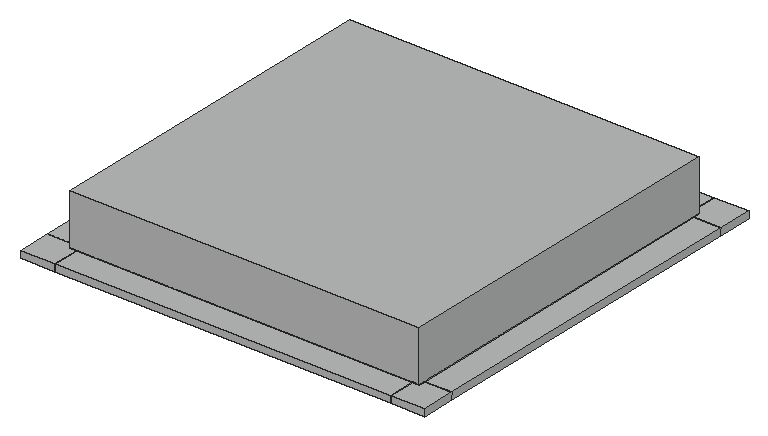
Revit family "ALUMOGIPS", category Осветительные приборы, Revit 2019 (continued)
Types (72, lengths in mm): name | Файл фотометрической сетки | built-in parameter 1150105 | Lumens | built-in parameter 1150106 | built-in parameter 1150142 | Wattage | Emit from Rectangle Width | Emit from Rectangle Length | Длина | Материал светильника | Ширина | ADSK_Ток | ADSK_Полная мощность | ADSK_Обозначение | ADSK_Номинальная мощность | ADSK_Наименование | ADSK_Масса | ADSK_Код изделия
  Alumogips-22/opal-sand 295x295 (IP54, 4000К, серый) | "Светильник ALUMOGIPS-22 OPAL-SAND-(295x295).IES" | 151.2 (stored number, unit not read) | 1900 lm | 1.512 (stored number, unit not read) | "IESNA:LM-63-95\r\n[TEST] Протокол №88\r\n[DATA] 02.08.2016\r\n[MORE] \r\n[MANUFAC] ЗАО \"Центрстройсвет\"\r\n[LUMCAT]  Светильник ALUMOGIPS-22/OPAL-SAND-(295x295)\r\n[LUMINAIRE]\r\n[LAMPCAT] Светодиоды\r\n[LAMP] Поток источника света (светодиодов) не известен\r\n[MORE] КСС приведена в абсолютных величинах кд\r\n[MORE] Вместо потока лампы, указан поток светильника.\r\nTILT=NONE\r\n1    1840 1.0 37 73 1 2 0.295 0.295 0.040\r\n1.0 1.0 23.0\r\n0.0 5.0 10.0 15.0 20.0 25.0 30.0 35.0 40.0 45.0 50.0 55.0 60.0 65.0 70.0 75.0 80.0 85.0 90.0 95.0 100.0 105.0 110.0 115.0 120.0 125.0 130.0 135.0 140.0 145.0 150.0 155.0 160.0 165.0 170.0 175.0 180.0\r\n0.0 5.0 10.0 15.0 20.0 25.0 30.0 35.0 40.0 45.0 50.0 55.0 60.0 65.0 70.0 75.0 80.0 85.0 90.0 95.0 100.0 105.0 110.0 115.0 120.0 125.0 130.0 135.0 140.0 145.0 150.0 155.0 160.0 165.0 170.0 175.0 180.0 185.0 190.0 195.0 200.0 205.0 210.0 215.0 220.0 225.0 230.0 235.0 240.0 245.0 250.0 255.0 260.0 265.0 270.0 275.0 280.0 285.0 290.0 295.0 300.0 305.0 310.0 315.0 320.0 325.0 330.0 335.0 340.0 345.0 350.0 355.0 360.0\r\n704.4 702.6 689.1 668.2 639.7 603.2 562.5 516.5 468.8 417.4 365.6 312.1 259.6 207.6 156.6 108.3 64.3 25.9 1.0 0.0 0.0 0.0 0.0 0.0 0.0 0.0 0.0 0.0 0.0 0.0 0.0 0.0 0.0 0.0 0.0 0.0 0.0\r\n704.4 702.6 688.9 666.9 636.8 601.2 560.9 517.4 467.0 417.5 364.8 312.1 258.9 207.6 156.5 108.3 64.5 26.2 0.8 0.0 0.0 0.0 0.0 0.0 0.0 0.0 0.0 0.0 0.0 0.0 0.0 0.0 0.0 0.0 0.0 0.0 0.0\r\n704.4 702.7 688.1 666.6 636.2 601.8 558.9 514.4 466.5 416.1 364.4 311.1 259.0 206.8 155.7 107.9 64.0 25.6 0.7 0.0 0.0 0.0 0.0 0.0 0.0 0.0 0.0 0.0 0.0 0.0 0.0 0.0 0.0 0.0 0.0 0.0 0.0\r\n704.4 702.8 687.5 665.5 635.7 599.5 558.6 514.9 467.7 415.9 364.3 311.2 257.9 206.3 155.3 107.2 63.6 25.3 0.6 0.0 0.0 0.0 0.0 0.0 0.0 0.0 0.0 0.0 0.0 0.0 0.0 0.0 0.0 0.0 0.0 0.0 0.0\r\n704.4 702.6 687.0 663.7 635.8 599.0 558.1 514.4 465.6 413.9 361.9 310.4 256.5 205.3 154.7 106.6 62.6 24.8 0.4 0.0 0.0 0.0 0.0 0.0 0.0 0.0 0.0 0.0 0.0 0.0 0.0 0.0 0.0 0.0 0.0 0.0 0.0\r\n704.4 702.2 686.0 663.0 633.3 599.1 557.7 512.0 464.8 414.0 362.8 309.2 256.6 205.1 154.2 106.1 62.4 24.4 0.4 0.0 0.0 0.0 0.0 0.0 0.0 0.0 0.0 0.0 0.0 0.0 0.0 0.0 0.0 0.0 0.0 0.0 0.0\r\n704.4 701.7 685.7 662.9 634.4 599.2 558.1 511.9 463.9 414.8 361.7 309.1 256.5 204.4 153.6 105.3 62.2 24.3 0.3 0.0 0.0 0.0 0.0 0.0 0.0 0.0 0.0 0.0 0.0 0.0 0.0 0.0 0.0 0.0 0.0 0.0 0.0\r\n704.4 701.4 685.4 663.3 632.5 597.1 557.3 512.2 463.2 413.2 361.4 307.8 255.6 203.8 153.2 105.6 61.8 24.0 0.3 0.0 0.0 0.0 0.0 0.0 0.0 0.0 0.0 0.0 0.0 0.0 0.0 0.0 0.0 0.0 0.0 0.0 0.0\r\n704.4 701.2 685.3 662.8 633.9 597.9 556.7 511.3 462.0 412.9 360.3 306.8 255.0 203.4 152.9 105.0 62.1 23.8 0.4 0.0 0.0 0.0 0.0 0.0 0.0 0.0 0.0 0.0 0.0 0.0 0.0 0.0 0.0 0.0 0.0 0.0 0.0\r\n704.4 700.7 685.1 661.8 633.2 596.2 556.5 510.9 461.5 411.1 359.4 307.7 255.0 203.8 153.0 104.9 61.9 23.6 0.5 0.0 0.0 0.0 0.0 0.0 0.0 0.0 0.0 0.0 0.0 0.0 0.0 0.0 0.0 0.0 0.0 0.0 0.0\r\n704.4 700.0 684.9 662.8 633.2 597.6 556.4 511.4 461.8 411.3 359.2 307.9 255.0 203.5 152.9 105.5 62.1 23.6 0.3 0.0 0.0 0.0 0.0 0.0 0.0 0.0 0.0 0.0 0.0 0.0 0.0 0.0 0.0 0.0 0.0 0.0 0.0\r\n704.4 699.6 685.0 663.1 633.0 597.9 557.6 511.6 462.2 410.8 359.8 307.8 254.6 203.2 152.9 105.6 62.1 23.9 0.3 0.0 0.0 0.0 0.0 0.0 0.0 0.0 0.0 0.0 0.0 0.0 0.0 0.0 0.0 0.0 0.0 0.0 0.0\r\n704.4 699.4 684.8 662.9 633.0 597.6 556.3 511.4 462.0 412.1 359.9 308.6 255.5 203.3 152.7 105.5 62.7 23.9 0.4 0.0 0.0 0.0 0.0 0.0 0.0 0.0 0.0 0.0 0.0 0.0 0.0 0.0 0.0 0.0 0.0 0.0 0.0\r\n704.4 699.2 685.0 663.9 634.3 597.1 556.9 510.5 462.6 411.5 359.8 308.0 255.2 203.3 153.6 105.4 62.4 24.0 0.4 0.0 0.0 0.0 0.0 0.0 0.0 0.0 0.0 0.0 0.0 0.0 0.0 0.0 0.0 0.0 0.0 0.0 0.0\r\n704.4 698.9 685.3 663.1 633.1 597.7 555.9 511.5 463.6 413.1 360.4 307.4 255.0 203.4 154.1 106.4 62.5 24.2 0.3 0.0 0.0 0.0 0.0 0.0 0.0 0.0 0.0 0.0 0.0 0.0 0.0 0.0 0.0 0.0 0.0 0.0 0.0\r\n704.4 698.8 684.9 662.5 633.7 597.3 557.3 511.4 463.5 412.5 360.6 308.3 256.1 204.5 154.8 106.4 63.3 24.7 0.4 0.0 0.0 0.0 0.0 0.0 0.0 0.0 0.0 0.0 0.0 0.0 0.0 0.0 0.0 0.0 0.0 0.0 0.0\r\n704.4 698.8 685.0 663.1 634.2 598.6 557.7 511.5 463.1 413.4 360.7 309.0 257.0 204.7 154.5 107.2 63.3 25.0 0.4 0.0 0.0 0.0 0.0 0.0 0.0 0.0 0.0 0.0 0.0 0.0 0.0 0.0 0.0 0.0 0.0 0.0 0.0\r\n704.4 698.8 685.9 663.2 634.6 598.3 557.6 511.0 462.3 413.8 361.5 308.8 256.7 205.8 155.4 107.6 63.7 25.3 0.4 0.0 0.0 0.0 0.0 0.0 0.0 0.0 0.0 0.0 0.0 0.0 0.0 0.0 0.0 0.0 0.0 0.0 0.0\r\n704.4 698.9 686.2 663.6 634.2 598.4 558.9 513.7 463.3 414.0 361.2 309.4 257.5 206.4 155.7 108.1 64.2 25.7 0.3 0.0 0.0 0.0 0.0 0.0 0.0 0.0 0.0 0.0 0.0 0.0 0.0 0.0 0.0 0.0 0.0 0.0 0.0\r\n704.4 699.2 685.6 664.1 635.3 599.2 558.5 513.9 465.4 414.1 363.1 310.0 258.5 206.6 156.1 108.2 64.8 26.0 0.4 0.0 0.0 0.0 0.0 0.0 0.0 0.0 0.0 0.0 0.0 0.0 0.0 0.0 0.0 0.0 0.0 0.0 0.0\r\n704.4 699.5 685.9 663.5 635.1 599.6 559.3 514.1 467.4 415.5 363.4 310.4 258.2 207.4 157.0 108.7 65.3 26.4 0.7 0.0 0.0 0.0 0.0 0.0 0.0 0.0 0.0 0.0 0.0 0.0 0.0 0.0 0.0 0.0 0.0 0.0 0.0\r\n704.4 699.6 686.6 665.6 636.2 601.3 560.7 514.4 466.7 415.4 364.2 311.3 259.4 207.8 157.4 109.5 65.4 26.6 0.9 0.0 0.0 0.0 0.0 0.0 0.0 0.0 0.0 0.0 0.0 0.0 0.0 0.0 0.0 0.0 0.0 0.0 0.0\r\n704.4 699.6 687.0 665.5 635.2 600.6 560.0 515.7 467.1 415.8 363.7 312.0 259.9 208.3 157.9 109.9 66.2 27.1 1.0 0.0 0.0 0.0 0.0 0.0 0.0 0.0 0.0 0.0 0.0 0.0 0.0 0.0 0.0 0.0 0.0 0.0 0.0\r\n704.4 699.6 686.9 665.3 638.0 601.8 560.2 516.2 467.8 417.1 364.5 312.6 260.5 209.6 159.0 110.8 66.2 27.7 1.1 0.0 0.0 0.0 0.0 0.0 0.0 0.0 0.0 0.0 0.0 0.0 0.0 0.0 0.0 0.0 0.0 0.0 0.0\r\n704.4 699.6 687.1 666.3 637.6 601.9 561.9 517.1 468.0 418.2 366.8 314.0 261.4 209.4 159.3 111.3 67.0 28.1 1.2 0.0 0.0 0.0 0.0 0.0 0.0 0.0 0.0 0.0 0.0 0.0 0.0 0.0 0.0 0.0 0.0 0.0 0.0\r\n704.4 699.5 687.4 666.7 638.8 602.2 562.2 518.2 469.5 419.1 368.2 314.0 263.2 210.6 159.7 111.6 67.9 28.6 1.4 0.0 0.0 0.0 0.0 0.0 0.0 0.0 0.0 0.0 0.0 0.0 0.0 0.0 0.0 0.0 0.0 0.0 0.0\r\n704.4 699.5 688.3 667.0 640.3 604.3 563.6 518.1 470.6 419.5 367.4 316.1 263.5 211.7 161.4 112.7 68.0 28.9 1.6 0.0 0.0 0.0 0.0 0.0 0.0 0.0 0.0 0.0 0.0 0.0 0.0 0.0 0.0 0.0 0.0 0.0 0.0\r\n704.4 699.3 688.8 667.6 639.8 604.7 565.6 518.5 470.9 421.8 370.5 318.0 264.7 211.6 161.4 113.3 69.3 29.6 1.6 0.0 0.0 0.0 0.0 0.0 0.0 0.0 0.0 0.0 0.0 0.0 0.0 0.0 0.0 0.0 0.0 0.0 0.0\r\n704.4 699.3 689.1 668.0 639.9 605.1 564.7 521.0 473.3 421.7 371.0 317.6 265.9 213.4 162.4 113.9 69.6 30.2 2.1 0.0 0.0 0.0 0.0 0.0 0.0 0.0 0.0 0.0 0.0 0.0 0.0 0.0 0.0 0.0 0.0 0.0 0.0\r\n704.4 699.1 689.5 669.7 641.0 604.7 565.4 521.7 472.9 422.2 371.7 318.9 266.2 213.7 163.0 114.7 70.1 30.7 2.4 0.0 0.0 0.0 0.0 0.0 0.0 0.0 0.0 0.0 0.0 0.0 0.0 0.0 0.0 0.0 0.0 0.0 0.0\r\n704.4 699.0 688.9 668.7 641.2 606.9 567.6 522.5 474.1 423.9 372.7 320.8 267.8 215.3 164.2 115.4 70.6 31.3 2.5 0.0 0.0 0.0 0.0 0.0 0.0 0.0 0.0 0.0 0.0 0.0 0.0 0.0 0.0 0.0 0.0 0.0 0.0\r\n704.4 699.1 688.5 669.3 641.7 607.1 565.5 524.1 474.7 425.6 373.4 320.3 268.0 216.0 165.4 116.1 71.4 31.8 3.2 0.0 0.0 0.0 0.0 0.0 0.0 0.0 0.0 0.0 0.0 0.0 0.0 0.0 0.0 0.0 0.0 0.0 0.0\r\n704.4 699.3 687.9 669.4 641.7 607.2 568.4 524.0 476.6 426.2 374.1 322.1 268.8 217.3 165.9 117.2 72.0 32.4 3.4 0.0 0.0 0.0 0.0 0.0 0.0 0.0 0.0 0.0 0.0 0.0 0.0 0.0 0.0 0.0 0.0 0.0 0.0\r\n704.4 699.4 688.3 668.6 642.5 609.5 569.6 524.7 477.8 427.5 376.1 323.3 270.4 217.7 167.4 118.2 72.9 32.9 3.5 0.0 0.0 0.0 0.0 0.0 0.0 0.0 0.0 0.0 0.0 0.0 0.0 0.0 0.0 0.0 0.0 0.0 0.0\r\n704.4 699.4 689.0 668.7 640.7 609.0 568.7 526.9 479.0 427.9 376.7 323.6 272.1 218.5 168.0 119.1 73.6 33.5 3.7 0.0 0.0 0.0 0.0 0.0 0.0 0.0 0.0 0.0 0.0 0.0 0.0 0.0 0.0 0.0 0.0 0.0 0.0\r\n704.4 699.5 689.2 670.1 641.2 608.9 569.2 524.1 478.5 427.1 377.3 325.0 272.3 219.8 169.2 119.9 74.3 34.5 4.2 0.0 0.0 0.0 0.0 0.0 0.0 0.0 0.0 0.0 0.0 0.0 0.0 0.0 0.0 0.0 0.0 0.0 0.0\r\n704.4 699.5 689.2 669.3 642.5 609.2 569.8 524.5 479.5 428.4 376.6 325.2 272.4 220.9 169.5 120.1 74.4 34.4 4.3 0.0 0.0 0.0 0.0 0.0 0.0 0.0 0.0 0.0 0.0 0.0 0.0 0.0 0.0 0.0 0.0 0.0 0.0\r\n704.4 699.2 689.2 669.9 643.4 609.4 571.0 527.6 480.8 430.3 377.8 326.1 273.4 220.9 169.5 120.2 74.5 34.1 3.9 0.0 0.0 0.0 0.0 0.0 0.0 0.0 0.0 0.0 0.0 0.0 0.0 0.0 0.0 0.0 0.0 0.0 0.0\r\n704.4 698.9 689.2 670.5 644.2 611.7 573.5 529.4 482.3 431.6 378.4 327.7 274.1 222.2 170.4 120.8 75.0 34.6 4.3 0.0 0.0 0.0 0.0 0.0 0.0 0.0 0.0 0.0 0.0 0.0 0.0 0.0 0.0 0.0 0.0 0.0 0.0\r\n704.4 698.9 690.0 671.1 646.9 613.4 573.6 530.0 481.1 432.2 380.0 327.9 274.9 222.2 170.8 121.1 75.6 35.3 4.2 0.0 0.0 0.0 0.0 0.0 0.0 0.0 0.0 0.0 0.0 0.0 0.0 0.0 0.0 0.0 0.0 0.0 0.0\r\n704.4 699.3 690.7 674.8 647.7 612.5 573.7 529.4 482.0 432.1 380.6 327.7 274.6 222.1 170.6 121.7 76.0 35.6 4.5 0.0 0.0 0.0 0.0 0.0 0.0 0.0 0.0 0.0 0.0 0.0 0.0 0.0 0.0 0.0 0.0 0.0 0.0\r\n704.4 699.9 691.7 675.0 647.1 613.1 573.0 530.7 482.3 432.6 379.8 328.5 274.7 223.2 171.5 122.3 76.3 35.9 5.0 0.0 0.0 0.0 0.0 0.0 0.0 0.0 0.0 0.0 0.0 0.0 0.0 0.0 0.0 0.0 0.0 0.0 0.0\r\n704.4 700.4 692.9 673.4 646.5 612.9 575.2 531.6 483.1 433.1 381.9 328.2 276.3 222.1 172.0 122.8 76.9 36.2 5.1 0.0 0.0 0.0 0.0 0.0 0.0 0.0 0.0 0.0 0.0 0.0 0.0 0.0 0.0 0.0 0.0 0.0 0.0\r\n704.4 700.6 693.5 673.9 647.0 612.9 573.5 531.0 482.4 433.7 382.3 328.8 276.2 223.2 172.6 123.3 77.4 36.6 5.1 0.0 0.0 0.0 0.0 0.0 0.0 0.0 0.0 0.0 0.0 0.0 0.0 0.0 0.0 0.0 0.0 0.0 0.0\r\n704.4 700.7 693.7 673.1 648.0 613.9 574.3 531.3 483.3 432.8 382.1 329.2 275.7 223.6 172.8 123.4 77.8 36.9 4.9 0.0 0.0 0.0 0.0 0.0 0.0 0.0 0.0 0.0 0.0 0.0 0.0 0.0 0.0 0.0 0.0 0.0 0.0\r\n704.4 701.1 693.8 674.8 647.2 613.5 575.2 531.8 483.2 434.1 382.5 328.9 276.7 223.3 172.7 123.9 77.9 37.4 5.0 0.0 0.0 0.0 0.0 0.0 0.0 0.0 0.0 0.0 0.0 0.0 0.0 0.0 0.0 0.0 0.0 0.0 0.0\r\n704.4 701.8 693.2 673.7 647.8 613.7 574.8 529.9 484.5 434.8 382.6 330.3 276.0 223.9 173.4 124.4 78.3 37.7 5.0 0.0 0.0 0.0 0.0 0.0 0.0 0.0 0.0 0.0 0.0 0.0 0.0 0.0 0.0 0.0 0.0 0.0 0.0\r\n704.4 702.4 693.0 674.7 647.5 613.7 574.7 531.6 484.4 433.5 382.7 330.5 276.0 224.0 173.7 124.4 78.8 37.9 4.7 0.0 0.0 0.0 0.0 0.0 0.0 0.0 0.0 0.0 0.0 0.0 0.0 0.0 0.0 0.0 0.0 0.0 0.0\r\n704.4 702.9 693.1 673.7 646.9 614.1 575.5 531.6 485.4 434.0 382.7 330.7 276.9 224.2 173.3 124.5 79.1 38.3 4.4 0.0 0.0 0.0 0.0 0.0 0.0 0.0 0.0 0.0 0.0 0.0 0.0 0.0 0.0 0.0 0.0 0.0 0.0\r\n704.4 703.3 693.4 673.6 647.7 614.5 574.9 531.1 484.2 434.6 382.2 329.8 277.1 224.6 173.1 124.5 78.9 38.1 4.9 0.0 0.0 0.0 0.0 0.0 0.0 0.0 0.0 0.0 0.0 0.0 0.0 0.0 0.0 0.0 0.0 0.0 0.0\r\n704.4 703.5 692.8 673.5 646.9 613.2 574.9 530.4 485.0 432.4 382.8 329.5 277.0 223.9 173.7 124.3 78.8 38.0 5.3 0.0 0.0 0.0 0.0 0.0 0.0 0.0 0.0 0.0 0.0 0.0 0.0 0.0 0.0 0.0 0.0 0.0 0.0\r\n704.4 703.6 692.6 673.2 647.2 613.2 573.5 530.2 483.8 433.3 382.1 329.2 277.1 224.4 172.8 124.4 78.9 38.0 4.9 0.0 0.0 0.0 0.0 0.0 0.0 0.0 0.0 0.0 0.0 0.0 0.0 0.0 0.0 0.0 0.0 0.0 0.0\r\n704.4 703.7 692.8 672.6 647.2 614.4 573.5 530.9 482.8 433.6 380.9 329.2 276.5 224.5 172.9 124.0 78.7 37.8 4.9 0.0 0.0 0.0 0.0 0.0 0.0 0.0 0.0 0.0 0.0 0.0 0.0 0.0 0.0 0.0 0.0 0.0 0.0\r\n704.4 703.8 692.6 673.2 647.0 612.4 573.2 530.1 482.8 432.7 380.9 328.7 276.1 224.2 172.8 123.6 78.2 37.4 5.0 0.0 0.0 0.0 0.0 0.0 0.0 0.0 0.0 0.0 0.0 0.0 0.0 0.0 0.0 0.0 0.0 0.0 0.0\r\n704.4 703.6 693.0 674.0 646.0 613.3 572.9 529.7 482.7 431.7 379.7 327.7 275.3 223.6 172.8 123.2 77.9 37.1 4.7 0.0 0.0 0.0 0.0 0.0 0.0 0.0 0.0 0.0 0.0 0.0 0.0 0.0 0.0 0.0 0.0 0.0 0.0\r\n704.4 703.2 693.3 671.6 645.9 611.7 572.1 528.4 482.6 432.2 380.7 327.6 274.6 222.7 171.5 123.0 77.5 36.7 4.5 0.0 0.0 0.0 0.0 0.0 0.0 0.0 0.0 0.0 0.0 0.0 0.0 0.0 0.0 0.0 0.0 0.0 0.0\r\n704.4 703.1 692.8 671.5 645.0 611.3 572.6 526.8 480.5 432.1 379.2 327.0 274.1 221.6 170.8 122.4 77.0 36.3 4.1 0.0 0.0 0.0 0.0 0.0 0.0 0.0 0.0 0.0 0.0 0.0 0.0 0.0 0.0 0.0 0.0 0.0 0.0\r\n704.4 703.3 692.3 671.6 644.6 611.4 570.3 526.6 479.8 430.3 378.7 326.0 273.2 220.7 170.1 121.6 76.1 35.7 3.9 0.0 0.0 0.0 0.0 0.0 0.0 0.0 0.0 0.0 0.0 0.0 0.0 0.0 0.0 0.0 0.0 0.0 0.0\r\n704.4 703.4 692.1 673.0 644.7 610.0 571.1 525.9 478.7 429.2 377.2 324.8 271.8 219.9 169.3 120.3 75.5 35.2 3.5 0.0 0.0 0.0 0.0 0.0 0.0 0.0 0.0 0.0 0.0 0.0 0.0 0.0 0.0 0.0 0.0 0.0 0.0\r\n704.4 703.3 692.0 671.7 643.8 610.5 570.5 526.6 477.8 429.3 377.1 324.6 272.1 219.3 168.4 119.6 74.7 34.2 3.6 0.0 0.0 0.0 0.0 0.0 0.0 0.0 0.0 0.0 0.0 0.0 0.0 0.0 0.0 0.0 0.0 0.0 0.0\r\n704.4 703.2 691.7 671.4 643.3 607.8 570.3 524.8 477.5 427.2 375.8 323.5 270.4 218.3 167.6 118.9 73.6 33.5 3.3 0.0 0.0 0.0 0.0 0.0 0.0 0.0 0.0 0.0 0.0 0.0 0.0 0.0 0.0 0.0 0.0 0.0 0.0\r\n704.4 703.2 691.3 670.4 642.9 608.1 568.6 525.2 476.3 426.8 374.1 322.6 268.8 216.9 165.8 117.8 73.0 32.9 2.7 0.0 0.0 0.0 0.0 0.0 0.0 0.0 0.0 0.0 0.0 0.0 0.0 0.0 0.0 0.0 0.0 0.0 0.0\r\n704.4 703.2 691.0 670.9 642.3 607.5 567.5 522.3 477.0 426.7 373.5 321.2 267.9 216.0 165.2 116.7 71.6 32.1 2.8 0.0 0.0 0.0 0.0 0.0 0.0 0.0 0.0 0.0 0.0 0.0 0.0 0.0 0.0 0.0 0.0 0.0 0.0\r\n704.4 703.3 690.4 669.1 641.2 607.4 565.7 523.3 473.7 425.1 373.6 320.5 267.1 214.8 164.2 115.8 70.8 31.5 2.0 0.0 0.0 0.0 0.0 0.0 0.0 0.0 0.0 0.0 0.0 0.0 0.0 0.0 0.0 0.0 0.0 0.0 0.0\r\n704.4 703.4 689.7 669.6 640.7 607.3 565.0 521.8 475.0 423.5 372.9 318.9 265.5 214.0 163.2 114.6 70.2 30.5 2.0 0.0 0.0 0.0 0.0 0.0 0.0 0.0 0.0 0.0 0.0 0.0 0.0 0.0 0.0 0.0 0.0 0.0 0.0\r\n704.4 703.4 689.7 668.8 640.3 605.8 566.4 519.9 474.4 423.7 370.8 318.1 265.5 212.7 162.1 113.5 68.9 29.8 2.0 0.0 0.0 0.0 0.0 0.0 0.0 0.0 0.0 0.0 0.0 0.0 0.0 0.0 0.0 0.0 0.0 0.0 0.0\r\n704.4 703.4 690.2 667.6 639.0 606.2 565.0 519.0 472.4 422.7 370.1 317.7 263.8 212.1 161.1 112.8 68.2 29.0 2.0 0.0 0.0 0.0 0.0 0.0 0.0 0.0 0.0 0.0 0.0 0.0 0.0 0.0 0.0 0.0 0.0 0.0 0.0\r\n704.4 703.2 690.1 667.2 639.6 602.9 563.5 519.7 471.9 421.7 368.7 316.5 262.8 211.0 160.3 111.9 67.5 28.3 1.6 0.0 0.0 0.0 0.0 0.0 0.0 0.0 0.0 0.0 0.0 0.0 0.0 0.0 0.0 0.0 0.0 0.0 0.0\r\n704.4 703.1 689.6 667.3 637.8 603.3 562.7 517.3 470.1 419.4 368.0 315.2 261.9 210.6 159.0 110.9 66.6 27.9 1.1 0.0 0.0 0.0 0.0 0.0 0.0 0.0 0.0 0.0 0.0 0.0 0.0 0.0 0.0 0.0 0.0 0.0 0.0\r\n704.4 703.1 689.9 668.7 638.6 603.3 561.3 518.8 468.9 418.8 367.0 314.2 262.0 208.7 158.3 110.1 65.9 27.3 1.0 0.0 0.0 0.0 0.0 0.0 0.0 0.0 0.0 0.0 0.0 0.0 0.0 0.0 0.0 0.0 0.0 0.0 0.0\r\n704.4 703.1 689.9 667.6 639.0 603.4 561.3 516.7 468.8 418.8 365.3 313.8 260.7 208.2 156.8 109.3 65.1 26.7 1.0 0.0 0.0 0.0 0.0 0.0 0.0 0.0 0.0 0.0 0.0 0.0 0.0 0.0 0.0 0.0 0.0 0.0 0.0\r\n704.4 702.8 689.4 668.0 639.3 603.2 562.9 517.1 467.8 418.2 366.4 312.6 259.9 207.7 156.4 108.1 64.3 25.9 1.0 0.0 0.0 0.0 0.0 0.0 0.0 0.0 0.0 0.0 0.0 0.0 0.0 0.0 0.0 0.0 0.0 0.0 0.0\r\n704.4 702.6 689.1 668.2 639.7 603.2 562.5 516.5 468.8 417.4 365.6 312.1 259.6 207.6 156.6 108.3 64.3 25.9 1.0 0.0 0.0 0.0 0.0 0.0 0.0 0.0 0.0 0.0 0.0 0.0 0.0 0.0 0.0 0.0 0.0 0.0 0.0\r\n" | 12.791 W | 275 | 275 | 295 | RAL 9006 | 295 | 0.10397 A | 23.913 VA | "Alumogips-22/opal-sand 295x295 (IP54, 4000К, серый)" | 22 W | "Встраиваемый светодиодный светильник Alumogips-22/opal-sand 295x295 (IP54, 4000К, серый)" | 1 | "ЦБ000007755"
